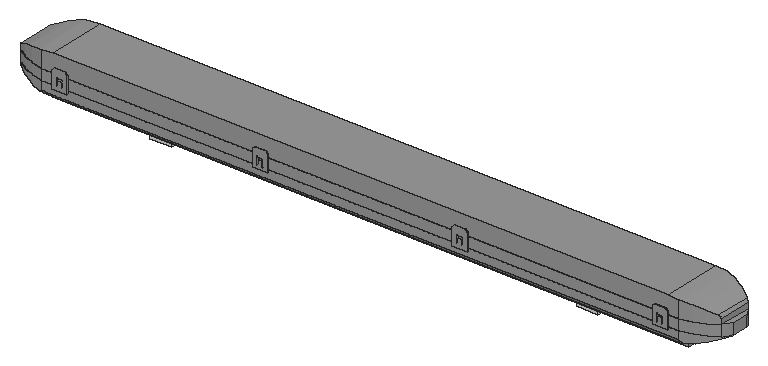
Revit family "10315", category Lighting Fixtures, host Face, Revit 2018
Family settings
  Host = Face
  Round Connector Dimension = Use Diameter
  Part Type = Normal
  OmniClass Number = 23.80.70.00
  OmniClass Title = Lighting
  Cut with Voids When Loaded = No
  Light Source = Yes
  Shared = No
  Room Calculation Point = No
Parameters (values of type "0010315 RESISTO GRP 1200 IP66 5200LM 840")
  mounting point length = 1050 mm
  Weight = "n/a"
  Wattage Comments = ""
  Wattage = 9.2903 W
  WarrantyStartDate [instance] = "n/a"
  WarrantyGuarantorParts = "n/a"
  WarrantyDurationUnit = "n/a"
  WarrantyDurationParts = ""
  WarrantyDescription = "http://www.sylvania-lighting.com"
  built-in parameter 1150110 = 1 (stored number, unit not read)
  Voltage = 0 V
  URL = "1"
  TypeName = "Resisto GRP 1200 IP66 5200lm 840"
  Type Image = <None>
  Type Comments = "n/a"
  built-in parameter 1114217 = 1 (stored number, unit not read)
  Tilt Angle = 60.00°
  built-in parameter 1150109 = 1 (stored number, unit not read)
  built-in parameter 1150134 = 3
  built-in parameter 1150113 = 1 (stored number, unit not read)
  SerialNumber [instance] = "n/a"
  Photometric Web File = "0010315.IES"
  Material_3_SYL = none
  PowerFactor = 0
  PowerConsumption = "Lighting"
  NominalLength = 1174 mm
  NominalHeight = 90 mm
  NominalDepth = 100 mm
  Name = "Resisto GRP 1200 IP66 5200lm 840"
  ModelReference = Name  # "Resisto GRP 1200 IP66 5200lm 840"
  ModelNumber = "0010315"
  Model = Name  # "Resisto GRP 1200 IP66 5200lm 840"
  Material = "Feilo Sylvania"
  ManufacturerName = "140 lm/W"
  Manufacturer = ""
  LuminousEfficacy = ""
  built-in parameter 1150105 = 109.82 (stored number, unit not read)
  Lumens = 1380 lm
  LuminaireType = "0"
  built-in parameter 1150115 = 1 (stored number, unit not read)
  LightOutputRatio = "LED"
  built-in parameter 1150137 = (empty or 0)
  built-in parameter 1150139 = (empty or 0)
  LampsType = Lamp  # "n/a"
  LampNominalLuminous = "4000 K"
  LampMacAdamStep = "80"
  LampColourTemperature = "LED"
  LampColourRenderingIndex = "16500"
  built-in parameter 1150112 = 1 (stored number, unit not read)
  built-in parameter 1150114 = 1 (stored number, unit not read)
  Lamp = "n/a"
  Keynote = "n/a"
  InstallationDate [instance] = "n/a"
  InputVoltage = "0"
  InputNominalFrequency = "4000"
  built-in parameter 1150132 = (empty or 0)
  built-in parameter 1150102 = (empty or 0)
  built-in parameter 1150107 = 3200 (stored number, unit not read)
  built-in parameter 1150138 = (empty or 0)
  IngressProtection = "IfcLightFixtureType"
  ImpactProtectionIndex = "IfcLightFixtureType"
  built-in parameter 1150106 = 1.0982 (stored number, unit not read)
  IfcExportType = "IfcLightFixtureType"
  IfcExportAs = "Class I"
  ElectricShockClassification = "140"
  built-in parameter 1150104 = 13.8 (stored number, unit not read)
  DocumentationLiterature = "http://www.sylvania-lighting.com/product/en-int/products/0010315"
  DimmingControlOptions = "n/a"
  Material_2_SYL = none
  Dimming Lamp Color Temperature Shift = <None>
  Description = "Resisto GRP, integrated LED weatherproof luminaire, with smooth body finish optimized for LEDs with flat diffuser, easy to handle. Stainless steel diffuser clips and fixing brackets for surface mounting. The luminaire benefits from a water and dust resistant GRP body and PMMA diffuser. 5200lm; 37W; 140lm/W; 4000K; SDCM<4; non dimmable;  CRI80; IP66; IK02; Class I; 72,000hrs (L80B20) lifespan;  1174mm x 90mm x 120mm; D-mark."
  Default Elevation = 1219.2 mm
  CreatedOn = "13/12/2022"
  CreatedBy = "@sylvania-lighting.com"
  Cost = 0
  Color Filter = 16777215
  built-in parameter 1114216 [instance] = (empty or 0)
  ClassificationValue = "EF_70_80"
  ClassificationName = "Uniclass2015"
  Material_1_SYL = none
  BarCode [instance] = "n/a"
  built-in parameter 1114218 = 1 (stored number, unit not read)
  built-in parameter 1150133 = 10 (stored number, unit not read)
  AssetType = "Fixed"
  AssetIdentifier [instance] = "n/a"
  Assembly Code = "D5020200"
  Apparent Load = 37 VA
  Material_4_SYL = none
Reference planes
  plane 1 "Center (Front/Back)": y = 0
  plane 2: z = 0
  plane 3 "Center (Left/Right)": x = 0
  plane 4: y = 50
  plane 5: y = -50
  plane 6: z = 10
  plane 7: y = 26.5
  plane 8: y = -26.5
  plane 9: y = 42.5
  plane 10: y = -42.5
  plane 11: z = 25
  plane 12: z = 43
  plane 13: z = 29
  plane 14: y = -38.5
  plane 15: y = 38.5
  plane 16: y = 7.5
  plane 17: z = 52
  plane 18: y = 28
  plane 19: y = -28
  plane 20: z = 38
  plane 21: y = -43.5
  plane 22: z = 90
  plane 23: y = -21.5
  plane 24: y = 21.5
  plane 25: y = -49
  plane 26: y = 49
  plane 27: x = -587
  plane 28: x = 587
  plane 29: x = -525
  plane 30: x = 525
  plane 31: x = -370
  plane 32: x = -152
  plane 33: x = 152
  plane 34: x = 370
  plane 35: x = -508
  plane 36: x = 508
  plane 37: x = -578
  plane 38: z = 74
  plane 39: z = 61
  plane 40: y = 13
Forms (mm)
  Extrusion 1, solid, material "GFRP", detail levels medium+fine
    sketch origin (0, 0, 0) x (1, 0, 0) y (0, 1, 0)
      loop
        line (-525, 28) -> (-525, -28) -> (525, -28) -> (525, 28) -> (-525, 28)
    from 10 to 38
  Extrusion 2, solid, material "GFRP", detail levels medium+fine
    sketch origin (111, 1524, 1219.2) x (0, 1, 0) y (0, 0, 1)
      loop
        line (-1475, -1176.2) -> (-1573, -1176.2) -> (-1573, -1190.2)
        arc (-1573, -1190.2) -> (-1571.828, -1193.028) -> (-1569, -1194.2) r 4
        line (-1569, -1194.2) -> (-1479, -1194.2)
        arc (-1479, -1194.2) -> (-1476.172, -1193.028) -> (-1475, -1190.2) r 4
        line (-1475, -1190.2) -> (-1475, -1176.2)
    from -698 to 476
  Extrusion 3, solid, material "GFRP", detail levels medium+fine
    sketch origin (0, 0, 0) x (1, 0, 0) y (0, 1, 0)
      loop
        line (-587, 49) -> (-587, -49) -> (587, -49) -> (587, 49) -> (-587, 49)
    from 43 to 61
  Extrusion 4, solid, detail levels medium+fine
    sketch origin (145.995, 0, 0) x (1, 0, 0) y (0, 0, 1)
      loop
        line (-515.995, 10) -> (-515.995, 0) -> (-479.995, 0) -> (-479.995, 10) -> (-515.995, 10)
    from -21.5 to 21.5
  Extrusion 5, solid, detail levels medium+fine
    sketch origin (870.518, 0, 0) x (1, 0, 0) y (0, 0, 1)
      loop
        line (-536.5, 10) -> (-536.5, 0) -> (-500.5, 0) -> (-500.5, 10) -> (-536.5, 10)
    from -21.5 to 21.5
  Extrusion 6, solid, material "Aluminum", detail levels fine
    sketch origin (-1120.539, 0, 108) x (-1, 0, 0) y (0, 0, -1)
      loop
        line (-637.458, 70) -> (-637.458, 42) -> (-633.458, 38) -> (-616.458, 38) -> (-612.458, 42) -> (-612.458, 70) -> (-637.458, 70)
    from -50 to 50
  Extrusion 7, void
    sketch origin (-1120.451, 0, 101.885) x (-0.999999, 0, 0.001417) y (-0.001417, 0, -0.999999)
      loop
        line (-627.942, 57) -> (-629.942, 57) -> (-629.942, 44) -> (-619.958, 44) -> (-619.958, 57) -> (-621.958, 57) -> (-621.958, 49) -> (-627.942, 49) -> (-627.942, 57)
    from -67.775 to 69.465
  Extrusion 8, solid, not visible
    sketch origin (-1249.916, 0, 108) x (-1, 0, 0) y (0, 0, -1)
      loop
        line (-637.458, 70) -> (-637.458, 42) -> (-633.458, 38) -> (-616.458, 38) -> (-612.458, 42) -> (-612.458, 70) -> (-637.458, 70)
    from 42.5 to 43.5
  Extrusion 9, void, not visible
    sketch origin (-1249.828, 0, 101.885) x (-0.999999, 0, 0.001417) y (-0.001417, 0, -0.999999)
      loop
        line (-627.942, 57) -> (-629.942, 57) -> (-629.942, 44) -> (-619.958, 44) -> (-619.958, 57) -> (-621.958, 57) -> (-621.958, 49) -> (-627.942, 49) -> (-627.942, 57)
    from 42.5 to 47.214
  Extrusion 10, solid, material "Aluminum", detail levels fine
    sketch origin (-130.171, 0, 108) x (-1, 0, 0) y (0, 0, -1)
      loop
        line (-637.458, 70) -> (-637.458, 42) -> (-633.458, 38) -> (-616.458, 38) -> (-612.458, 42) -> (-612.458, 70) -> (-637.458, 70)
    from -50 to 50
  Extrusion 11, void
    sketch origin (-130.083, 0, 101.885) x (-0.999999, 0, 0.001417) y (-0.001417, 0, -0.999999)
      loop
        line (-627.942, 57) -> (-629.942, 57) -> (-629.942, 44) -> (-619.958, 44) -> (-619.958, 57) -> (-621.958, 57) -> (-621.958, 49) -> (-627.942, 49) -> (-627.942, 57)
    from -50 to 50
  Extrusion 12, solid, material "Aluminum", detail levels fine
    sketch origin (-789.572, 0, 108) x (-1, 0, 0) y (0, 0, -1)
      loop
        line (-637.458, 70) -> (-637.458, 42) -> (-633.458, 38) -> (-616.458, 38) -> (-612.458, 42) -> (-612.458, 70) -> (-637.458, 70)
    from -50 to 50
  Extrusion 13, void
    sketch origin (-789.484, 0, 101.885) x (-0.999999, 0, 0.001417) y (-0.001417, 0, -0.999999)
      loop
        line (-627.942, 57) -> (-629.942, 57) -> (-629.942, 44) -> (-619.958, 44) -> (-619.958, 57) -> (-621.958, 57) -> (-621.958, 49) -> (-627.942, 49) -> (-627.942, 57)
    from -50 to 50
  Extrusion 14, solid, material "Aluminum", detail levels fine
    sketch origin (809.037, 0, 108) x (1, 0, 0) y (0, 0, -1)
      loop
        line (-656.958, 70) -> (-656.958, 42) -> (-652.958, 38) -> (-635.958, 38) -> (-631.958, 42) -> (-631.958, 70) -> (-656.958, 70)
    from -50 to 50
  Extrusion 15, void
    sketch origin (808.949, 0, 101.885) x (0.999999, 0, 0.001417) y (0.001417, 0, -0.999999)
      loop
        line (-647.442, 56.972) -> (-649.442, 56.972) -> (-649.442, 43.972) -> (-639.458, 43.972) -> (-639.458, 56.972) -> (-641.458, 56.972) -> (-641.458, 48.972) -> (-647.442, 48.972) -> (-647.442, 56.972)
    from 50 to -50
  Extrusion 16, solid, material "Glass, White, High Luminance", detail levels medium+fine
    sketch origin (0, 0, 0) x (1, 0, 0) y (0, 0, 1)
      loop
        line (-525, 61) -> (525, 61) -> (525, 65.032) -> (-525, 65.032) -> (-525, 61)
    from -38.5 to 38.5
  Extrusion 17, solid, material "Plastic, Opaque White", detail levels medium+fine
    sketch origin (0, 0, 0) x (1, 0, 0) y (0, 0, 1)
      loop
        line (-587, 90) -> (-587, 61) -> (587, 61) -> (587, 90) -> (-587, 90)
    from -49 to 49
  Extrusion 18, void
    sketch origin (0, 0, 0) x (1, 0, 0) y (0, 0, 1)
      loop
        line (-587, 43) -> (-587, 25) -> (-508, 25)
        arc (-508, 25) -> (-548.512, 29.557) -> (-587, 43) r 182.361
    from -77.585 to 91.633
  Extrusion 19, void
    sketch origin (0, 0, 0) x (1, 0, 0) y (0, 0, 1)
      loop
        line (-508, 90) -> (-587, 90) -> (-587, 61) -> (-578, 61) -> (-578, 69.268)
        arc (-578, 69.268) -> (-576.005, 72.005) -> (-573.268, 74) r 10.934
        arc (-573.268, 74) -> (-541.575, 85.836) -> (-508, 90) r 144.908
    from -75.055 to 100
  Extrusion 20, void
    sketch origin (0, 0, 0) x (-1, 0, 0) y (0, 0, -1)
      loop
        arc (-587, -43) -> (-548.512, -29.557) -> (-508, -25) r 182.361
        line (-508, -25) -> (-587, -25) -> (-587, -43)
    from -77.585 to 91.633
  Extrusion 21, void
    sketch origin (0, 0, 0) x (-1, 0, 0) y (0, 0, -1)
      loop
        arc (-508, -90) -> (-541.575, -85.836) -> (-573.268, -74) r 144.908
        arc (-573.268, -74) -> (-576.005, -72.005) -> (-578, -69.268) r 10.934
        line (-578, -69.268) -> (-578, -61) -> (-587, -61) -> (-587, -90) -> (-508, -90)
    from -75.055 to 100
  Extrusion 22, void
    sketch origin (0, 0, 0) x (1, 0, 0) y (0, 1, 0)
      loop
        arc (-587, 13) -> (-583.687, 20.541) -> (-578, 26.5) r 23.782
        arc (-578, 26.5) -> (-552.818, 40.854) -> (-525, 49) r 124.57
        line (-525, 49) -> (-587, 49) -> (-587, 13)
    from 0 to 100
  Extrusion 23, void
    sketch origin (0, 0, 0) x (1, 0, 0) y (0, 1, 0)
      loop
        line (-587, -13) -> (-587, -49) -> (-525, -49)
        arc (-525, -49) -> (-552.818, -40.854) -> (-578, -26.5) r 124.57
        arc (-578, -26.5) -> (-583.687, -20.541) -> (-587, -13) r 23.782
    from 0 to 100
  Extrusion 24, void
    sketch origin (0, 0, 0) x (-1, 0, 0) y (0, -1, 0)
      loop
        line (-587, -13) -> (-587, -49) -> (-525, -49)
        arc (-525, -49) -> (-552.818, -40.854) -> (-578, -26.5) r 124.57
        arc (-578, -26.5) -> (-583.687, -20.541) -> (-587, -13) r 23.782
    from 0 to 100
  Extrusion 25, void
    sketch origin (0, 0, 0) x (-1, 0, 0) y (0, -1, 0)
      loop
        arc (-587, 13) -> (-583.687, 20.541) -> (-578, 26.5) r 23.782
        arc (-578, 26.5) -> (-552.818, 40.854) -> (-525, 49) r 124.57
        line (-525, 49) -> (-587, 49) -> (-587, 13)
    from 0 to 100
  Extrusion 26, solid, detail levels coarse
    sketch origin (0, 0, 0) x (1, 0, 0) y (0, 1, 0)
      loop
        line (-587, 50) -> (-587, -50) -> (587, -50) -> (587, 50) -> (-587, 50)
    from 0 to 90
Cuts and joins
  Extrusion 7, Extrusion 11, Extrusion 13 cuts Extrusion 6
  Extrusion 11 cuts Extrusion 10
  Extrusion 13, Extrusion 15 cuts Extrusion 12
  Extrusion 15 cuts Extrusion 14
  Extrusion 7, Extrusion 11, Extrusion 13, Extrusion 15, Extrusion 18, Extrusion 20 cuts Extrusion 1
  Extrusion 18, Extrusion 20, Extrusion 22, Extrusion 23, Extrusion 24, Extrusion 25 cuts Extrusion 2
  Extrusion 19, Extrusion 21, Extrusion 22, Extrusion 23, Extrusion 24, Extrusion 25 cuts Extrusion 3
  Extrusion 19, Extrusion 21, Extrusion 22, Extrusion 23, Extrusion 24, Extrusion 25 cuts Extrusion 17
Dimensions and locks
  "NominalDepth": plane 4 to plane 5
  equal spacing: plane 4, plane 1 "Center (Front/Back)", plane 5
  plane 6 to level = 10 mm
  "NominalHeight": plane 22 to host face
  "NominalLength": plane 27 to plane 28
  equal spacing: plane 27, plane 3 "Center (Left/Right)", plane 28
  "mounting point length": plane 29 to plane 30
  equal spacing: plane 29, plane 3 "Center (Left/Right)", plane 30
  aligned and locked: plane 2 to host face
  aligned and locked: level to host face
Automatic sketch dimensions
  Extrusion 9 sketch curve to Extrusion 9 sketch curve = 2 mm  (x2)
  Extrusion 9 sketch curve to Extrusion 9 sketch curve = 5.984 mm
  Extrusion 9 sketch curve to Extrusion 9 sketch curve = 0 mm
  Extrusion 9 sketch curve to Extrusion 9 sketch curve = 8 mm
  Extrusion 9 sketch curve to Extrusion 9 sketch curve = 5 mm
  Extrusion 8 sketch curve to Extrusion 8 sketch curve = 4 mm  (x3)
  Extrusion 8 sketch curve to Extrusion 8 sketch curve = 17 mm
  Extrusion 8 sketch curve to Extrusion 8 sketch curve = 25 mm
  Extrusion 8 sketch curve to Extrusion 8 sketch curve = 28 mm
  host sketch curve to host sketch curve = 2438.4 mm  (x2)
  Extrusion 1 sketch curve to plane 19 = 0 mm
  Extrusion 1 sketch curve to plane 29 = 0 mm
  Extrusion 1 sketch curve to plane 30 = 0 mm
  Extrusion 1 sketch curve to plane 18 = 0 mm
  Extrusion 2 sketch curve to plane 12 = 0 mm
  Extrusion 2 sketch curve to plane 25 = 0 mm
  Extrusion 2 sketch curve to plane 11 = 0 mm
  Extrusion 2 sketch curve to plane 13 = 0 mm  (x2)
  Extrusion 2 sketch curve to plane 26 = 0 mm
  plane 25 to Extrusion 3 sketch curve = 0 mm
  Extrusion 3 sketch curve to plane 27 = 0 mm
  plane 26 to Extrusion 3 sketch curve = 0 mm
  plane 28 to Extrusion 3 sketch curve = 0 mm
  Extrusion 4 sketch curve to level = 0 mm
  Extrusion 4 sketch curve to plane 31 = 0 mm
  Extrusion 4 sketch curve to plane 6 = 0 mm
  Extrusion 4 sketch curve to Extrusion 4 sketch curve = 36 mm
  Extrusion 5 sketch curve to level = 0 mm
  Extrusion 5 sketch curve to plane 6 = 0 mm
  Extrusion 5 sketch curve to plane 34 = 35.982 mm
  plane 34 to Extrusion 5 sketch curve = 0.018 mm
  Extrusion 6 sketch curve to plane 20 = 0 mm
  plane 35 to Extrusion 6 sketch curve = 24.919 mm
  Extrusion 6 sketch curve to Extrusion 6 sketch curve = 4 mm
  plane 35 to Extrusion 6 sketch curve = 3.919 mm
  Extrusion 6 sketch curve to plane 35 = 0.081 mm
  plane 39 to Extrusion 6 sketch curve = 5 mm  (x2)
  Extrusion 6 sketch curve to plane 38 = 4 mm
  plane 12 to Extrusion 7 sketch curve = 0.993 mm
  plane 35 to Extrusion 7 sketch curve = 17.41 mm
  Extrusion 7 sketch curve to Extrusion 7 sketch curve = 2 mm  (x2)
  Extrusion 7 sketch curve to Extrusion 7 sketch curve = 5.984 mm
  Extrusion 7 sketch curve to Extrusion 7 sketch curve = 0 mm
  Extrusion 7 sketch curve to Extrusion 7 sketch curve = 8 mm
  Extrusion 7 sketch curve to Extrusion 7 sketch curve = 5 mm
  Extrusion 10 sketch curve to plane 20 = 0 mm
  Extrusion 10 sketch curve to plane 36 = 0.713 mm
  Extrusion 10 sketch curve to plane 36 = 4.713 mm
  Extrusion 10 sketch curve to plane 38 = 4 mm
  Extrusion 10 sketch curve to Extrusion 10 sketch curve = 17 mm
  Extrusion 10 sketch curve to Extrusion 10 sketch curve = 25 mm
  plane 39 to Extrusion 10 sketch curve = 5 mm  (x2)
  plane 12 to Extrusion 11 sketch curve = 0.993 mm
  Extrusion 11 sketch curve to plane 36 = 8.222 mm
  Extrusion 11 sketch curve to Extrusion 11 sketch curve = 2 mm  (x2)
  Extrusion 11 sketch curve to Extrusion 11 sketch curve = 5.984 mm
  Extrusion 11 sketch curve to Extrusion 11 sketch curve = 0 mm
  Extrusion 11 sketch curve to Extrusion 11 sketch curve = 8 mm
  Extrusion 11 sketch curve to Extrusion 11 sketch curve = 5 mm
  Extrusion 12 sketch curve to plane 20 = 0 mm
  Extrusion 12 sketch curve to plane 32 = 0.114 mm
  Extrusion 12 sketch curve to plane 32 = 4.114 mm
  Extrusion 12 sketch curve to plane 38 = 4 mm
  Extrusion 12 sketch curve to Extrusion 12 sketch curve = 17 mm
  Extrusion 12 sketch curve to Extrusion 12 sketch curve = 25 mm
  plane 39 to Extrusion 12 sketch curve = 5 mm  (x2)
  plane 12 to Extrusion 13 sketch curve = 0.993 mm
  Extrusion 13 sketch curve to plane 32 = 7.624 mm
  Extrusion 13 sketch curve to Extrusion 13 sketch curve = 2 mm  (x2)
  Extrusion 13 sketch curve to Extrusion 13 sketch curve = 5.984 mm
  Extrusion 13 sketch curve to Extrusion 13 sketch curve = 0 mm
  Extrusion 13 sketch curve to Extrusion 13 sketch curve = 8 mm
  Extrusion 13 sketch curve to Extrusion 13 sketch curve = 5 mm
  Extrusion 14 sketch curve to plane 20 = 0 mm
  plane 33 to Extrusion 14 sketch curve = 0.08 mm
  plane 33 to Extrusion 14 sketch curve = 4.08 mm
  Extrusion 14 sketch curve to plane 38 = 4 mm
  Extrusion 14 sketch curve to Extrusion 14 sketch curve = 17 mm
  Extrusion 14 sketch curve to Extrusion 14 sketch curve = 25 mm
  plane 39 to Extrusion 14 sketch curve = 5 mm  (x2)
  plane 12 to Extrusion 15 sketch curve = 0.993 mm
  plane 33 to Extrusion 15 sketch curve = 7.589 mm
  Extrusion 15 sketch curve to Extrusion 15 sketch curve = 2 mm  (x2)
  Extrusion 15 sketch curve to Extrusion 15 sketch curve = 5.984 mm
  Extrusion 15 sketch curve to Extrusion 15 sketch curve = 0 mm
  Extrusion 15 sketch curve to Extrusion 15 sketch curve = 8 mm
  Extrusion 15 sketch curve to Extrusion 15 sketch curve = 5 mm
  plane 29 to Extrusion 16 sketch curve = 0 mm
  plane 30 to Extrusion 16 sketch curve = 0 mm
  Extrusion 16 sketch curve to plane 39 = 0 mm
  plane 39 to Extrusion 16 sketch curve = 4.032 mm
  Extrusion 17 sketch curve to plane 27 = 0 mm
  Extrusion 17 sketch curve to plane 39 = 0 mm
  Extrusion 17 sketch curve to plane 22 = 0 mm
  plane 28 to Extrusion 17 sketch curve = 0 mm
  Extrusion 18 sketch curve to plane 11 = 0 mm
  Extrusion 18 sketch curve to plane 27 = 0 mm
  Extrusion 18 sketch curve to plane 35 = 0 mm
  Extrusion 18 sketch curve to plane 12 = 0 mm
  Extrusion 19 sketch curve to plane 22 = 0 mm
  Extrusion 19 sketch curve to plane 27 = 0 mm
  Extrusion 19 sketch curve to plane 37 = 0 mm
  Extrusion 19 sketch curve to plane 38 = 0 mm  (x2)
  Extrusion 19 sketch curve to plane 35 = 0 mm
  Extrusion 19 sketch curve to plane 39 = 0 mm
  plane 39 to Extrusion 19 sketch curve = 3.274 mm
  Extrusion 19 sketch curve to Extrusion 19 sketch curve = 9.726 mm
  plane 35 to Extrusion 19 sketch curve = 0.927 mm
  Extrusion 20 sketch curve to plane 11 = 0 mm
  Extrusion 20 sketch curve to plane 28 = 0 mm
  Extrusion 20 sketch curve to plane 36 = 0 mm
  Extrusion 20 sketch curve to plane 12 = 0 mm
  Extrusion 21 sketch curve to plane 22 = 0 mm
  Extrusion 21 sketch curve to plane 28 = 0 mm
  Extrusion 21 sketch curve to plane 39 = 0 mm
  Extrusion 21 sketch curve to plane 38 = 0 mm  (x2)
  Extrusion 21 sketch curve to plane 36 = 0 mm
  plane 28 to Extrusion 21 sketch curve = 9 mm
  Extrusion 21 sketch curve to plane 39 = 3.274 mm
  Extrusion 21 sketch curve to Extrusion 21 sketch curve = 9.726 mm
  plane 36 to Extrusion 21 sketch curve = 0.927 mm
  Extrusion 22 sketch curve to plane 27 = 0 mm
  Extrusion 22 sketch curve to plane 7 = 0 mm  (x2)
  Extrusion 22 sketch curve to plane 37 = 0 mm
  plane 26 to Extrusion 22 sketch curve = 0 mm
  Extrusion 22 sketch curve to plane 29 = 0 mm
  Extrusion 22 sketch curve to plane 40 = 0 mm
  Extrusion 22 sketch curve to plane 1 "Center (Front/Back)" = 7.349 mm
  Extrusion 23 sketch curve to plane 27 = 0 mm
  plane 8 to Extrusion 23 sketch curve = 0 mm  (x2)
  Extrusion 23 sketch curve to plane 37 = 0 mm
  plane 25 to Extrusion 23 sketch curve = 0 mm
  Extrusion 23 sketch curve to plane 29 = 0 mm
  Extrusion 23 sketch curve to plane 1 "Center (Front/Back)" = 7.349 mm
  Extrusion 23 sketch curve to Extrusion 23 sketch curve = 23.101 mm
  Extrusion 24 sketch curve to plane 28 = 0 mm
  Extrusion 24 sketch curve to plane 7 = 0 mm  (x2)
  plane 26 to Extrusion 24 sketch curve = 0 mm
  Extrusion 24 sketch curve to plane 30 = 0 mm
  plane 40 to Extrusion 24 sketch curve = 0 mm
  plane 16 to Extrusion 24 sketch curve = 0.151 mm
  Extrusion 24 sketch curve to Extrusion 24 sketch curve = 23.101 mm
  Extrusion 25 sketch curve to plane 28 = 0 mm
  plane 8 to Extrusion 25 sketch curve = 0 mm  (x2)
  plane 25 to Extrusion 25 sketch curve = 0 mm
  Extrusion 25 sketch curve to plane 30 = 0 mm
  plane 1 "Center (Front/Back)" to Extrusion 25 sketch curve = 7.349 mm
  Extrusion 25 sketch curve to plane 28 = 23.101 mm
  Extrusion 25 sketch curve to plane 36 = 3.861 mm
  Extrusion 26 sketch curve to plane 5 = 0 mm
  Extrusion 26 sketch curve to plane 27 = 0 mm
  Extrusion 26 sketch curve to plane 28 = 0 mm
  Extrusion 26 sketch curve to plane 4 = 0 mm
Connectors
  electrical at (0, 0, 0), driven by "Apparent Load", driven by "PowerFactor", driven by "Voltage"
    settings: index 1, voltage 0 V, apparent load 37 VA, apparent load phase1 0 VA, apparent load phase2 0 VA, apparent load phase3 0 VA, power factor 0, load classification "Lighting", number of poles 1, system type 30, power factor state 1, is connector primary yes, connector utility no, sub classification motor no, connector description ""
